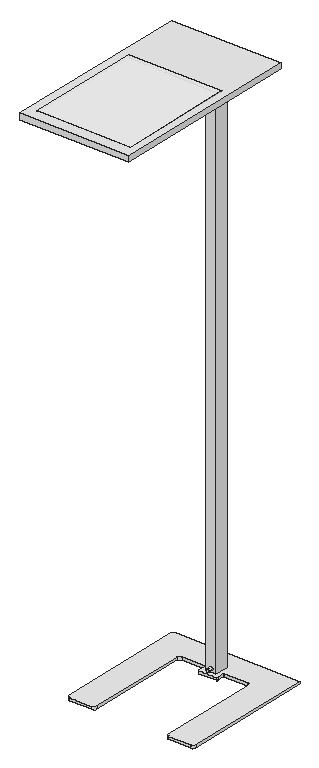
Revit family "0060793 Sylvania Lighting Fixture FREEOFFICE DIRECT INDIRECT 14KLM BLACK EC", category Lighting Fixtures, host Face, Revit 2016
Family settings
  Host = Face
  Part Type = Normal
  Round Connector Dimension = Use Diameter
  OmniClass Number = 23.80.70.11.17
  OmniClass Title = Specialized Lighting by Location or Use
  Cut with Voids When Loaded = No
  Light Source = Yes
  Shared = No
  Room Calculation Point = No
Parameters (values of type "0060793 FREEOFFICE D/I 14 BLACK EC")
  Weight = "22.8 kg"
  Wattage = 107 W
  WarrantyStartDate [instance] = "n/a"
  WarrantyGuarantorParts = "n/a"
  WarrantyDurationUnit = "n/a"
  WarrantyDurationParts = "n/a"
  WarrantyDescription = "n/a"
  built-in parameter 1150110 = 1 (stored number, unit not read)
  Voltage = 230 V
  TypeName = "FREEOFFICE DIRECT/INDIRECT 14KLM BLACK EC"
  built-in parameter 1114217 = 1 (stored number, unit not read)
  Tilt Angle = -90°
  built-in parameter 1150109 = 1 (stored number, unit not read)
  built-in parameter 1150134 = 12
  built-in parameter 1150113 = 1 (stored number, unit not read)
  SerialNumber [instance] = "n/a"
  Radius_FEILO = 165.0 mm
  URL = "http://www.sylvania-lighting.com"
  PowerFactor = 0.98
  PowerConsumption = "107 W"
  Photometric Web File = "0060793.ies"
  PIR_SYL = no
  NominalWidth = 0.0 mm
  NominalLength = 690.0 mm
  NominalHeight = 2030.0 mm
  Name = "FREEOFFICE DIRECT/INDIRECT 14KLM BLACK EC"
  ModelReference = "FREEOFFICE DIRECT/INDIRECT 14KLM BLACK EC"
  ModelNumber = "0060793"
  Material_3_SYL = Body-Sylvania-FreeOffice-BLK
  Material_2_SYL = Polycarbonate_Sylvania_Sylcircle_Opal
  Material_1_SYL = Body-Sylvania-FreeOffice-BLK
  Material = "head and pole : powder coated aluminium. stand: powder coated steel housing, pmma diffuser"
  ManufacturerName = "Feilo Sylvania"
  LuminousEfficacy = "132 lm/W"
  built-in parameter 1150105 = 4275.8 (stored number, unit not read)
  Lumens = 14124 lm
  LuminaireType = ""
  built-in parameter 1150115 = 1 (stored number, unit not read)
  LightOutputRatio = "n/a"
  built-in parameter 1150137 = (empty or 0)
  built-in parameter 1150139 = (empty or 0)
  LampsType = Lamp  # "LED"
  LampNominalLuminous = "14100 lm"
  LampMacAdamStep = "3"
  LampColourTemperature = "4000 K"
  LampColourRenderingIndex = "80"
  built-in parameter 1150112 = 1 (stored number, unit not read)
  built-in parameter 1150114 = 1 (stored number, unit not read)
  Keynote = "16500"
  InstallationDate [instance] = "n/a"
  InputVoltage = "220-240V~"
  InputNominalFrequency = "50/60 Hz"
  built-in parameter 1150132 = (empty or 0)
  built-in parameter 1150102 = (empty or 0)
  built-in parameter 1150107 = 4000 (stored number, unit not read)
  built-in parameter 1150138 = (empty or 0)
  IngressProtection = "IP20"
  ImpactProtectionIndex = "IK02"
  built-in parameter 1150106 = 42.758 (stored number, unit not read)
  IfcExportType = "IfcLightFixtureType"
  IfcExportAs = "IfcLightFixtureType"
  Height_FEILO = 96.0 mm
  ExpectedLife = 50000
  Emit from Rectangle Width = 340.1 mm
  Emit from Rectangle Length = 564.6 mm
  Emit Shape Visible in Rendering = no
  ElectricShockClassification = "Class I"
  built-in parameter 1150104 = 12.263 (stored number, unit not read)
  DurationUnit = "hours"
  DocumentationLiterature = "http://www.sylvania-lighting.com/product/en-int/products/0060793"
  DimmingControlOptions = "Dimmable"
  Dimming Lamp Color Temperature Shift = <None>
  Diameter_FEILO = 2 * Radius_FEILO  # 330.0 mm
  CreatedOn = "12/5/2018"
  CreatedBy = "@sylvania-lighting.com"
  Color Filter = 16777215
  built-in parameter 1114216 [instance] = 1 (stored number, unit not read)
  Model = "FREEOFFICE DIRECT/INDIRECT 14KLM BLACK EC"
  Manufacturer = "Feilo Sylvania"
  Lamp = "LED"
  Description = "FREEOFFICE DIRECT/INDIRECT 14KLM BLACK EC is a highly efficient free-standing floor lamp providing optimal illumination for single and twin workstations. 80% uplight and 20% downlight ratio for ambient and task lighting from a single luminaire. Microprismatic PMMA optics for advanced glare control. Black RAL9005 powder coated luminaire body. Aluminium head and pole for high-quality appearance, steel stand for higher stability. Luminaire dimensions: Head: 690x397x25mm, Stand: 480x460x16mm, Pole: 55x35x2030mm. Operated and dimmed with a push button located in the pole at a height suitable to be used with adjustable height desks. Up and downlight dims together. 4000K Neutral White LED, CRI>80, chromaticity tolerance: SDCM<3. Luminous flux: 14100lm. Power consumption 107W. Luminaire efficacy: 132lm/W. Lumen maintenance: L80B50=55000h. UGR<16, Luminance at 65°<3000 cd/m2. IK02, IP20. Photobiological safety risk group 0. Electrical protection: Class I. Glow wire test: 650°C. Supplied with 3m cable with DIN 49441-R2 plug."
  Default Elevation = 0.0 mm
  built-in parameter 1140040 [instance] = 1
  BarCode [instance] = "n/a"
  built-in parameter 1114218 = 1 (stored number, unit not read)
  built-in parameter 1150133 = 10 (stored number, unit not read)
  AssetType = "Fixed"
  AssetIdentifier [instance] = "n/a"
  Assembly Code = "D5020200"
  Apparent Load = 107 VA
Reference planes
  plane 1 "Center (Front/Back)": y = 0
  plane 2: z = 0
  plane 3 "Center (Left/Right)": x = 0
  plane 4: z = 2030
  plane 5: x = 230
  plane 6: x = -230
  plane 7: x = 18
  plane 8: x = -18
  plane 9: x = -198.5
  plane 10: x = 198.5
  plane 11: y = 25
  plane 12: y = -25
  plane 13: y = -390.174
  plane 14: y = 89.826
  plane 15: y = -645
  plane 16: y = 44
  plane 17: z = 9
  plane 18: z = 2010
  plane 19: y = -187.327
  plane 20: y = -603.8
  plane 21: x = -170.03
  plane 22: x = 170.03
  plane 23: y = -39.174
  plane 24: z = 2020
  plane 25: x = 130
  plane 26: x = -130
  plane 27: y = -10.174
  plane 28: x = 34
  plane 29: x = -34
  plane 30: y = -39.174
  plane 31: y = -321.487
  plane 32: z = 21
  plane 33: y = -624.4
  plane 34: z = 2009
Forms (mm)
  Extrusion 1, solid, material "Body-Sylvania-FreeOffice-BLK" <- "Material_1_SYL"
    sketch origin (-1380.213, -4572, 2010) x (-1, 0, 0) y (0, -1, 0)
      loop
        line (-1181.713, -3927) -> (-1578.713, -3927) -> (-1578.713, -4616) -> (-1181.713, -4616) -> (-1181.713, -3927)
    from 0 to 20
  Extrusion 2, void
    sketch origin (-1380.213, -4572, 2030) x (0, -1, 0) y (-1, 0, 0)
      loop
        line (-4384.673, -1210.183) -> (-4384.673, -1550.243) -> (-3968.2, -1550.243) -> (-3968.2, -1210.183) -> (-4384.673, -1210.183)
    from 0 to 20
  Extrusion 3, void
    sketch origin (-1380.213, -4572, 2010) x (0, -1, 0) y (-1, 0, 0)
      loop
        line (-3968.2, -1210.183) -> (-4532.826, -1210.183) -> (-4532.826, -1550.243) -> (-3968.2, -1550.243) -> (-3968.2, -1210.183)
    from 0 to -10
  Extrusion 4, solid, material "Body-Sylvania-FreeOffice-BLK" <- "Material_1_SYL"
    sketch origin (0, 0, 0) x (1, 0, 0) y (0, 1, 0)
      loop
        line (-230, 79.826) -> (-230, -380.174)
        arc (-230, -380.174) -> (-227.071, -387.245) -> (-220, -390.174) r 10
        line (-220, -390.174) -> (-140, -390.174)
        arc (-140, -390.174) -> (-132.929, -387.245) -> (-130, -380.174) r 10
        line (-130, -380.174) -> (-130, -20.174)
        arc (-130, -20.174) -> (-127.071, -13.103) -> (-120, -10.174) r 10
        line (-120, -10.174) -> (-36, -10.174)
        arc (-36, -10.174) -> (-34.586, -10.76) -> (-34, -12.174) r 2
        line (-34, -12.174) -> (-34, -37.174)
        arc (-34, -37.174) -> (-33.414, -38.588) -> (-32, -39.174) r 2
        line (-32, -39.174) -> (32, -39.174)
        arc (32, -39.174) -> (33.414, -38.588) -> (34, -37.174) r 2
        line (34, -37.174) -> (34, -12.174)
        arc (34, -12.174) -> (34.586, -10.76) -> (36, -10.174) r 2
        line (36, -10.174) -> (120, -10.174)
        arc (120, -10.174) -> (127.071, -13.103) -> (130, -20.174) r 10
        line (130, -20.174) -> (130, -380.174)
        arc (130, -380.174) -> (132.929, -387.245) -> (140, -390.174) r 10
        line (140, -390.174) -> (220, -390.174)
        arc (220, -390.174) -> (227.071, -387.245) -> (230, -380.174) r 10
        line (230, -380.174) -> (230, 89.826) -> (-220, 89.826)
        arc (-220, 89.826) -> (-227.071, 86.897) -> (-230, 79.826) r 10
    from 0 to 9
  Extrusion 5, solid, material "Body-Sylvania-FreeOffice-BLK" <- "Material_1_SYL"
    sketch origin (645.563, -4597, 9) x (0, -1, 0) y (-1, 0, 0)
      loop
        line (-4622, 663.563) -> (-4622, 627.563) -> (-4572, 627.563) -> (-4572, 663.563) -> (-4622, 663.563)
    from 0 to -2001
  Extrusion 6, solid, material "Body-Sylvania-FreeOffice-BLK" <- "Material_1_SYL"
    sketch origin (747.1, -25, 1219.2) x (1, 0, 0) y (0, 0, 1)
      loop
        circle (-747.1, -1198.2) r 5
    from 0 to 14.174
  Extrusion 7, solid, material "Polycarbonate_Sylvania_Sylcircle_Opal" <- "Material_2_SYL"
    sketch origin (-1380.213, -4572, 2030) x (-1, 0, 0) y (0, -1, 0)
      loop
        line (-1550.243, -3968.2) -> (-1550.243, -4384.673) -> (-1210.183, -4384.673) -> (-1210.183, -3968.2) -> (-1550.243, -3968.2)
    from 0 to -10
  Extrusion 8, solid, material "Polycarbonate_Sylvania_Sylcircle_Opal" <- "Material_2_SYL"
    sketch origin (-1380.213, -4572, 2010) x (-1, 0, 0) y (0, -1, 0)
      loop
        line (-1210.183, -4532.826) -> (-1210.183, -3968.2) -> (-1550.243, -3968.2) -> (-1550.243, -4532.826) -> (-1210.183, -4532.826)
    from 0 to 10
  Revolve 9, solid, material "Body-Sylvania-FreeOffice-BLK" <- "Material_3_SYL", visible <- "PIR_SYL"
    sketch origin (747.1, -624.4, 1219.2) x (1, 0, 0) y (0, 0, 1)
      loop
        line (-757.1, 789.8) -> (-754.426, 789.8)
        arc (-754.426, 789.8) -> (-751.007, 787.781) -> (-747.1, 787.079) r 11.221
        line (-747.1, 787.079) -> (-747.1, 790.8) -> (-757.1, 790.8) -> (-757.1, 789.8)
      axis (-747.1, 790.8) -> (-747.1, 787.079)
    angle from 0 to 360
Cuts and joins
  Extrusion 2, Extrusion 3 cuts Extrusion 1
Lines and regions (mm)
  reference lines
    curve 1: circle (0, 0, 21) r 5 normal (0, -1, 0)
    curve 2: circle (0, -624.4, 2010) r 10 normal (0, 0, 1)
Dimensions and locks
  equal spacing: plane 12, plane 1 "Center (Front/Back)", plane 11
  locked: plane 12 to plane 11 at 50
  equal spacing: plane 8, plane 3 "Center (Left/Right)", plane 7
  plane 8 to plane 7 = 36.0 mm
  equal spacing: plane 9, plane 3 "Center (Left/Right)", plane 10
  plane 9 to plane 10 = 397.0 mm
  equal spacing: plane 6, plane 3 "Center (Left/Right)", plane 5
  locked: plane 6 to plane 5 at 460
  locked: plane 4 to plane 2 at 2030
  locked: plane 13 to plane 1 "Center (Front/Back)" at 390.174
  locked: plane 13 to plane 14 at 480
  locked: plane 15 to plane 1 "Center (Front/Back)" at 645
  locked: plane 15 to plane 16 at 689
  locked: plane 17 to plane 2 at 9
  locked: plane 4 to plane 18 at 20
  locked: plane 19 to plane 1 "Center (Front/Back)" at 187.327
  locked: plane 20 to plane 19 at 416.473
  equal spacing: plane 21, plane 3 "Center (Left/Right)", plane 22
  plane 21 to plane 22 = 340.059 mm
  locked: plane 20 to plane 23 at 564.626
  equal spacing: plane 4, plane 24, plane 18
  equal spacing: plane 26, plane 3 "Center (Left/Right)", plane 25
  locked: plane 26 to plane 25 at 260
  locked: plane 27 to plane 14 at 100
  equal spacing: plane 29, plane 3 "Center (Left/Right)", plane 28
  locked: plane 29 to plane 28 at 68
  locked: plane 30 to plane 27 at 29
  equal spacing: plane 20, plane 31, plane 23
  locked: plane 32 to host face at 21
  equal spacing: plane 15, plane 33, plane 20
  locked: Revolve 9 sketch curve to plane 18 at 7.5
  locked: plane 18 to plane 34 at 1
  radius of curve 2 = 10.0 mm
  aligned and locked: plane 2 to host face
  aligned and locked: level to host face
  aligned and locked: plane 15 to Extrusion 1 sketch curve
  aligned and locked: Extrusion 1 sketch curve to plane 9
  aligned and locked: Extrusion 1 sketch curve to plane 16
  aligned and locked: plane 10 to Extrusion 1 sketch curve
  aligned and locked: plane 4 to Extrusion 1
  aligned and locked: Extrusion 1 to plane 18
  aligned and locked: Extrusion 2 sketch curve to plane 19
  aligned and locked: plane 20 to Extrusion 2 sketch curve
  aligned and locked: Extrusion 2 to plane 18
  aligned and locked: plane 4 to Extrusion 2
  aligned and locked: plane 21 to Extrusion 2 sketch curve
  aligned and locked: plane 22 to Extrusion 2 sketch curve
  aligned and locked: Extrusion 3 sketch curve to cut or joined group of Extrusion 1, Extrusion 2, Extrusion 3  (x2)
  aligned and locked: plane 23 to Extrusion 3 sketch curve
  aligned and locked: plane 22 to Extrusion 3 sketch curve
  aligned and locked: Extrusion 3 to plane 18
  aligned and locked: plane 24 to Extrusion 3
  aligned and locked: Extrusion 4 sketch curve to plane 14
  aligned and locked: Extrusion 4 sketch curve to plane 6
  aligned and locked: plane 13 to Extrusion 4 sketch curve  (x2)
  aligned and locked: Extrusion 4 sketch curve to plane 26
  aligned and locked: Extrusion 4 sketch curve to plane 25
  aligned and locked: plane 5 to Extrusion 4 sketch curve
  aligned and locked: plane 29 to Extrusion 4 sketch curve
  aligned and locked: plane 30 to Extrusion 4 sketch curve
  aligned and locked: Extrusion 4 sketch curve to plane 28
  aligned and locked: Extrusion 4 sketch curve to plane 27
  aligned and locked: Extrusion 4 to plane 17
  aligned and locked: Extrusion 4 to level
  aligned and locked: Extrusion 5 sketch curve to plane 8
  aligned and locked: plane 7 to Extrusion 5 sketch curve
  aligned and locked: plane 18 to Extrusion 5
  aligned and locked: plane 11 to Extrusion 5 sketch curve
  aligned and locked: Extrusion 5 sketch curve to plane 12
  aligned and locked: plane 24 to imposter light
  aligned and locked: imposter light to plane 3 "Center (Left/Right)"
  aligned and locked: imposter light to plane 31
  aligned and locked: Extrusion 6 sketch curve to curve 1
  aligned and locked: Extrusion 6 to plane 12
  aligned and locked: Extrusion 6 to cut or joined group of Extrusion 1, Extrusion 2, Extrusion 3
  aligned and locked: Extrusion 7 sketch curve to cut or joined group of Extrusion 1, Extrusion 2, Extrusion 3  (x4)
  aligned and locked: Extrusion 7 to plane 4
  aligned and locked: Extrusion 7 to cut or joined group of Extrusion 1, Extrusion 2, Extrusion 3
  aligned and locked: Extrusion 8 sketch curve to cut or joined group of Extrusion 1, Extrusion 2, Extrusion 3  (x4)
  aligned and locked: Extrusion 8 to cut or joined group of Extrusion 1, Extrusion 2, Extrusion 3
  aligned and locked: Extrusion 8 to plane 18
  aligned and locked: plane 3 "Center (Left/Right)" to curve 2
  aligned and locked: plane 33 to curve 2
  aligned and locked: plane 3 "Center (Left/Right)" to Revolve 9 sketch curve  (x2)
  aligned and locked: Revolve 9 sketch curve to plane 3 "Center (Left/Right)"
  aligned and locked: Revolve 9 sketch curve to plane 34
Automatic sketch dimensions
  host sketch curve to host sketch curve = 1305.563 mm
  host sketch curve to host sketch curve = 1283.632 mm
  plane 27 to Extrusion 4 sketch curve = 0.0 mm
  plane 6 to Extrusion 4 sketch curve = 10.0 mm  (x2)
  Extrusion 4 sketch curve to plane 13 = 10.0 mm
  Extrusion 4 sketch curve to plane 26 = 10.0 mm
  Extrusion 4 sketch curve to Extrusion 4 sketch curve = 2.0 mm
  plane 29 to Extrusion 4 sketch curve = 2.0 mm
  Extrusion 4 sketch curve to plane 28 = 2.0 mm
  plane 28 to Extrusion 4 sketch curve = 2.0 mm
  Extrusion 4 sketch curve to plane 25 = 10.0 mm
  Extrusion 4 sketch curve to Extrusion 4 sketch curve = 10.0 mm
  Extrusion 4 sketch curve to plane 5 = 10.0 mm
  curve 1 to plane 3 "Center (Left/Right)" = 0.0 mm
  curve 1 to plane 32 = 0.0 mm
  Revolve 9 sketch curve to plane 18 = 0.0 mm
  Revolve 9 sketch curve to plane 3 "Center (Left/Right)" = 7.326 mm
  Revolve 9 sketch curve to Revolve 9 sketch curve = 2.674 mm
  Revolve 9 sketch curve to level = 94.652 mm
  plane 4 to Revolve 9 sketch curve = 432.257 mm
  radius of curve 1 = 5.0 mm
Connectors
  electrical at (0, -39.174, 21), driven by "PowerFactor", driven by "Voltage", driven by "Apparent Load", driven by "Apparent Load"
    settings: on Extrusion 6, index 1, voltage 230 V, apparent load 107 VA, apparent load phase1 107 VA, apparent load phase2 0 VA, apparent load phase3 0 VA, power factor 0.98, load classification "Other", number of poles 1, system type 30, power factor state 1, is connector primary yes, connector utility no, sub classification motor no, connector description ""
